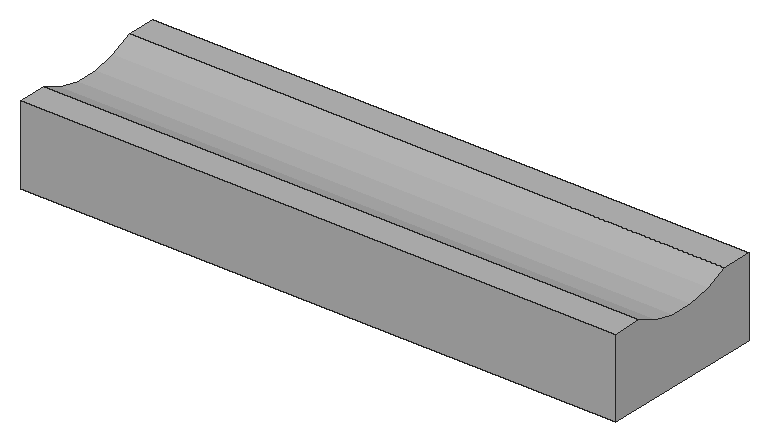
Revit family "K144 10x5 Channel Kerb", category Generic Models, Revit 2020
Family settings
  Can host rebar = No
  Round Connector Dimension = Use Diameter
  Part Type = Normal
  Work Plane-Based = No
  Always vertical = Yes
  Cut with Voids When Loaded = No
  Shared = No
  Room Calculation Point = No
Parameters
  Weight = "62Kg."
  Warranty Guarantor Parts = "n/a"
  Warranty Guarantor Labour = "n/a"
  Warranty Duration Unit = "n/a"
  Warranty Duration Parts = "n/a"
  Warranty Duration Labour = "n/a"
  Warranty Description = "n/a"
  Unit Width [instance] = 255 mm
  Unit Length [instance] = 914 mm
  Unit Height [instance] = 120 mm
  URL = "www.killeshal.com"
  Types = "Single"
  Type Comments = "Visit our website for a full list of available products."
  Sustainability Performance = "n/a"
  Structural Class = "n/a"
  Span = "Length."
  Slope = "0.00°"
  Size = "255 Wide x 120 High x 914mm Long."
  Shape = "As per drawing"
  Service Life = "0.000000"
  Serial Number = "n/a"
  Resistance to Fire = "n/a"
  Replacement Cost = "n/a"
  Reference = "n/a"
  Notified Body = "n/a"
  Nominal Cover to Main Bar = "n/a"
  Model = "K/144 Kerb."
  Mechanical Resistance = "n/a"
  Manufacturer = "Killeshal Precast Concrete Ltd."
  Load Bearing = no
  Life Cycle Environmental Load = "n/a"
  Length Options = "914mm."
  Keynote = "The information contained is the sole property of KPC Ltd., any reproduction in part or whole without permission of KPC Ltd. is prohibited."
  Environmental Product Declaration = "n/a"
  Environmental Class = "n/a"
  Durability against Corrosion = "n/a"
  Dimension Accuracy Class = "I.S. EN 1340:2003"
  Detailing = "As per design specification and product drawings."
  Description = "10\" x 5\" Channel Kerb."
  Default Elevation = 0 mm
  Dangerous Substances = "n/a"
  Contact Tel = "0035357 9353018"
  Contact Email = "sales@killeshal.com"
  Construction Type = "Precast"
  Construction Tolerance Class = "I.S. EN 1340:2003"
  Compressive Strength of Concrete = "n/a"
  Characteristics of Reinforcing Steel = "n/a"
  Characteristics Deflection Under Load = "n/a"
Reference planes
  plane 1 "Center (Front/Back)": y = 0
  plane 2: z = 0
  plane 3 "Center (Left/Right)": x = 0
  plane 4 "Rear": y = 127.5
  plane 5 "Front": y = -127.5
  plane 6 "Top": z = 120
  plane 7 "Center L/W": z = 98
  plane 8 "Center L/Z": y = 82.5
  plane 9 "Center L/AA": y = -82.5
Forms (mm)
  Extrusion 1, solid, material "Precast Concrete (KPC)"
    sketch origin (0, 0, 0) x (0, 1, 0) y (0, 0, 1)
      loop
        line (127.5, 0) -> (127.5, 120) -> (82.583, 120)
        arc (82.583, 120) -> (0, 98) -> (-82.583, 120) r 166
        line (-82.583, 120) -> (-127.5, 120) -> (-127.5, 0) -> (127.5, 0)
    from 0 to 914
Dimensions and locks
  "Unit Length": Extrusion 1 to Extrusion 1
  "Unit Width": Extrusion 1 to Extrusion 1
  "Unit Height": Extrusion 1 to Extrusion 1
  Extrusion 1 to plane 7 "Center L/W" = 22 mm
  plane 9 "Center L/AA" to plane 5 "Front" = 45 mm
  plane 4 "Rear" to plane 8 "Center L/Z" = 45 mm
  radius of Extrusion 1 = 166 mm
  aligned and locked: level to plane 2
Automatic sketch dimensions
  Extrusion 1 sketch curve to level = 0 mm
  Extrusion 1 sketch curve to plane 5 "Front" = 0 mm
  Extrusion 1 sketch curve to plane 6 "Top" = 0 mm  (x3)
  Extrusion 1 sketch curve to plane 1 "Center (Front/Back)" = 0 mm
  Extrusion 1 sketch curve to plane 4 "Rear" = 0 mm
  Extrusion 1 sketch curve to plane 9 "Center L/AA" = 0.083 mm
  plane 6 "Top" to Extrusion 1 sketch curve = 144 mm
